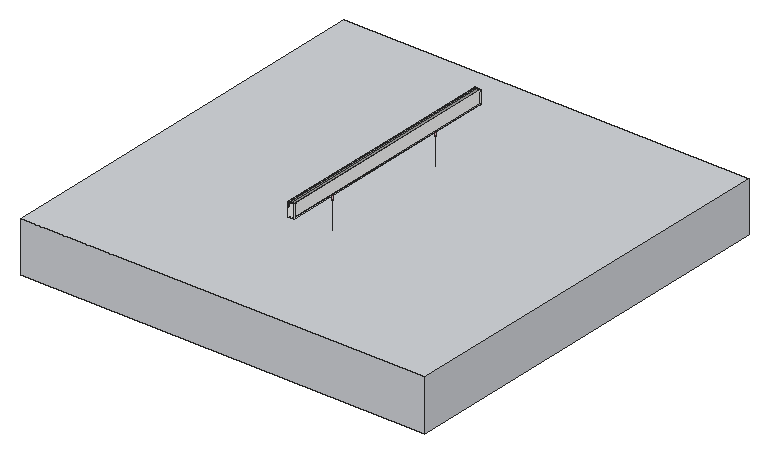
Revit family "LAMP_FIL 35 1400MM OPAL COMFORT SUSPENDED", category Luminarias, Revit 2018
Family settings
  Anfitrión = Cara
  Cota de conector redondo = Diámetro de uso
  Tipo de pieza = Normal
  Corte con vacíos al cargar = No
  Origen de luz = Sí
  Compartido = No
  Punto de cálculo de habitación = No
Parameters (values of type "1390LM 3000K  BLACK")
  Ángulo de inclinación = -90.00°
  Weight = 3.045 kg
  Wattage = 14.4 W
  Type = "MID POWER TRIDONIC"
  built-in parameter 1150107 = 3000 (stored number, unit not read)
  NOT COVER 2 [instance] = not(END COVER 2)  # no
  NOT COVER 1 [instance] = not(END COVER 1)  # no
  END COVER 2 [instance] = yes
  END COVER 1 [instance] = yes
  Suspension distance [instance] = if(Suspension > 4000 mm, 4000 mm, if(Suspension < 1 mm, 1 mm, Suspension))  # 200 mm
  Suspension [instance] = 200 mm
  built-in parameter 1150110 = 1 (stored number, unit not read)
  built-in parameter 1150109 = 1 (stored number, unit not read)
  built-in parameter 1150112 = 1 (stored number, unit not read)
  built-in parameter 1150113 = 1 (stored number, unit not read)
  built-in parameter 1114218 = 1 (stored number, unit not read)
  Protection rating = "IP20 / IK07"
  Product datasheet = "http://www.lamp.es/product-files/TECH/F31SF140LOOC830NB-EN.pdf"
  Product code = "F31SF140LOOC830NB"
  Product URL = "https://www.lamp.es/en/family/fil-35_413911"
  Power Supply = "220-240V 50/60Hz"
  Power = 14 W
  Plum = 14.4 W
  Photobiological risk = ""
  built-in parameter 1150137 = (empty or 0)
  built-in parameter 1150132 = 2
  Modelo = Product code  # "F31SF140LOOC830NB"
  Model Explanation = ""
  Material suspension = LAMP_Acero genérico
  Material perfil = LAMP_Aluminio Perfil Fil NG
  Material difusor = LAMP_PC Difusor Opal Fil
  Manufacturer name = "LAMP"
  Manufacturer country = "Spain"
  Manufacturer URL = "http://www.lamp.es/en"
  MacAdam = "3"
  Longitud de línea de emisión = 1400 mm
  Last update = "03/05/2021"
  Lamp = "MID-POWER LED"
  LED Lifetime = "50.000 L90 B10"
  built-in parameter 1150105 = 549.1 (stored number, unit not read)
  built-in parameter 1150102 = (empty or 0)
  Insulation class = "I"
  Installation instructions = "https://www.lamp.es/product-files/INS/1004590-A%20INSTR.%20FIL35.pdf"
  built-in parameter 1150106 = 5.491 (stored number, unit not read)
  IEE = "A+"
  Gear = "Electronic"
  Lumens = 1389.6 lm
  Finish = "Matte black RAL 9011"
  Color Filter = 16777215
  built-in parameter 1114217 = 1 (stored number, unit not read)
  built-in parameter 1150139 = (empty or 0)
  Fabricante = Manufacturer name  # "LAMP"
  Default Elevation = 1219.2 mm
  built-in parameter 1150104 = 8.9651 (stored number, unit not read)
  Efficacy = 96.5 lm/W
  Dimensions = "1400x35x80"
  Descripción = "FIL35 SUR 1400 2000 WW OP COMF BK."
  built-in parameter 1150115 = 1 (stored number, unit not read)
  built-in parameter 1150114 = 1 (stored number, unit not read)
  built-in parameter 1150138 = (empty or 0)
  built-in parameter 1150134 = 3
  Dimming Lamp Color Temperature Shift = (empty or 0)
  CRI = "80"
  Archivo de red fotométrica = "F31SF140LOOC830NB.IES"
  built-in parameter 1150133 = 10 (stored number, unit not read)
Types (12, lengths in mm): name | built-in parameter 1150107 | Product datasheet | Product code | Modelo | Material perfil | Finish | Descripción | Archivo de red fotométrica
  1390LM 3000K DALI BLACK | 3000 (stored number, unit not read) | "http://www.lamp.es/product-files/TECH/F31SF140LOOC830DB-EN.pdf" | "F31SF140LOOC830DB" | "F31SF140LOOC830DB" | LAMP_Aluminio Perfil Fil NG | "Matte black RAL 9011" | "FIL35 SUR 1400 2000 WW OP COMF DALI BK." | "F31SF140LOOC830nB.IES"
  1390LM 3000K DALI GREY | 3000 (stored number, unit not read) | "http://www.lamp.es/product-files/TECH/F31SF140LOOC830DG-EN.pdf" | "F31SF140LOOC830DG" | "F31SF140LOOC830DG" | LAMP_Aluminio Perfil Fil GR | "Gloss grey" | "FIL35 SUR 1400 2000 WW OP COMF DALI GR." | "F31SF140LOOC830nG.IES"
  1390LM 3000K DALI WHITE | 3000 (stored number, unit not read) | "http://www.lamp.es/product-files/TECH/F31SF140LOOC830DW-EN.pdf" | "F31SF140LOOC830DW" | "F31SF140LOOC830DW" | LAMP_Aluminio Perfil Fil BL | "Matte white RAL 9010" | "FIL35 SUR 1400 2000 WW OP COMF DALI WH." | "F31SF140LOOC830nW.IES"
  1390LM 3000K  BLACK | 3000 (stored number, unit not read) | "http://www.lamp.es/product-files/TECH/F31SF140LOOC830NB-EN.pdf" | "F31SF140LOOC830NB" | "F31SF140LOOC830NB" | LAMP_Aluminio Perfil Fil NG | "Matte black RAL 9011" | "FIL35 SUR 1400 2000 WW OP COMF BK." | "F31SF140LOOC830NB.IES"
  1390LM 3000K  GREY | 3000 (stored number, unit not read) | "http://www.lamp.es/product-files/TECH/F31SF140LOOC830NG-EN.pdf" | "F31SF140LOOC830NG" | "F31SF140LOOC830NG" | LAMP_Aluminio Perfil Fil GR | "Gloss grey" | "FIL35 SUR 1400 2000 WW OP COMF GR." | "F31SF140LOOC830NG.IES"
  1390LM 3000K  WHITE | 3000 (stored number, unit not read) | "http://www.lamp.es/product-files/TECH/F31SF140LOOC830NW-EN.pdf" | "F31SF140LOOC830NW" | "F31SF140LOOC830NW" | LAMP_Aluminio Perfil Fil BL | "Matte white RAL 9010" | "FIL35 SUR 1400 2000 WW OP COMF WH." | "F31SF140LOOC830NW.IES"
  1390LM 4000K DALI BLACK | 4000 (stored number, unit not read) | "http://www.lamp.es/product-files/TECH/F31SF140LOOC840DB-EN.pdf" | "F31SF140LOOC840DB" | "F31SF140LOOC840DB" | LAMP_Aluminio Perfil Fil NG | "Matte black RAL 9011" | "FIL35 SUR 1400 2000 NW OP COMF DALI BK." | "F31SF140LOOC840NB.IES"
  1390LM 4000K DALI GREY | 4000 (stored number, unit not read) | "http://www.lamp.es/product-files/TECH/F31SF140LOOC840DG-EN.pdf" | "F31SF140LOOC840DG" | "F31SF140LOOC840DG" | LAMP_Aluminio Perfil Fil GR | "Gloss grey" | "FIL35 SUR 1400 2000 NW OP COMF DALI GR." | "F31SF140LOOC840NG.IES"
  1390LM 4000K DALI WHITE | 4000 (stored number, unit not read) | "http://www.lamp.es/product-files/TECH/F31SF140LOOC840DW-EN.pdf" | "F31SF140LOOC840DW" | "F31SF140LOOC840DW" | LAMP_Aluminio Perfil Fil BL | "Matte white RAL 9010" | "FIL35 SUR 1400 2000 NW OP COMF DALI WH." | "F31SF140LOOC840NW.IES"
  1390LM 4000K  BLACK | 4000 (stored number, unit not read) | "http://www.lamp.es/product-files/TECH/F31SF140LOOC840NB-EN.pdf" | "F31SF140LOOC840NB" | "F31SF140LOOC840NB" | LAMP_Aluminio Perfil Fil NG | "Matte black RAL 9011" | "FIL35 SUR 1400 2000 NW OP COMF BK." | "F31SF140LOOC840NB.IES"
  1390LM 4000K  GREY | 4000 (stored number, unit not read) | "http://www.lamp.es/product-files/TECH/F31SF140LOOC840NG-EN.pdf" | "F31SF140LOOC840NG" | "F31SF140LOOC840NG" | LAMP_Aluminio Perfil Fil GR | "Gloss grey" | "FIL35 SUR 1400 2000 NW OP COMF GR." | "F31SF140LOOC840NG.IES"
  1390LM 4000K  WHITE | 4000 (stored number, unit not read) | "http://www.lamp.es/product-files/TECH/F31SF140LOOC840NW-EN.pdf" | "F31SF140LOOC840NW" | "F31SF140LOOC840NW" | LAMP_Aluminio Perfil Fil BL | "Matte white RAL 9010" | "FIL35 SUR 1400 2000 NW OP COMF WH." | "F31SF140LOOC840NW.IES"
Reference planes
  plane 1 "Centro (Frontal/Posterior)": y = 0
  plane 2: z = 0
  plane 3 "Centro (Izquierda/Derecha)": x = 0
Forms (mm)
  Extrusion 1, solid
    sketch origin (0, 0, 0) x (1, 0, 0) y (0, 1, 0)
      loop
        line (-1219.2, 1219.2) -> (-1219.2, -1219.2) -> (1219.2, -1219.2) -> (1219.2, 1219.2) -> (-1219.2, 1219.2)
    from 0 to -304.8
  Extrusion 2, solid, material "LAMP_Aluminio Perfil Fil NG" <- "Material perfil"
    sketch origin (0, 0, 0) x (1, 0, 0) y (0, 0, 1)
      loop
        arc (17.75, 285.7) -> (16.75, 286.7) -> (15.75, 285.7) r 1
        line (15.75, 285.7) -> (15.75, 284.2) -> (13.95, 284.2) -> (13.95, 259) -> (0, 259) -> (-13.95, 259) -> (-13.95, 284.2) -> (-15.75, 284.2) -> (-15.75, 285.7)
        arc (-15.75, 285.7) -> (-16.75, 286.7) -> (-17.75, 285.7) r 1
        line (-17.75, 285.7) -> (-17.75, 206.5) -> (-16.75, 206.5) -> (-16.75, 209.7) -> (-12.5, 209.7) -> (-12.5, 207.7) -> (-14.8, 207.7) -> (-13.6, 206.5) -> (-11, 206.5) -> (-11, 214.5) -> (0, 214.5) -> (11, 214.5) -> (11, 206.5) -> (13.6, 206.5) -> (14.8, 207.7) -> (12.5, 207.7) -> (12.5, 209.7) -> (16.75, 209.7) -> (16.75, 206.5) -> (17.75, 206.5) -> (17.75, 285.7)
    from -700 to 700
  Extrusion 3, solid, material "LAMP_Acero genérico" <- "Material suspension"
    sketch origin (0, 0, 0) x (1, 0, 0) y (0, 0, 1)
      loop
        line (-12.5, 201) -> (-15.291, 208.272) -> (-13.251, 209.7) -> (-14.251, 209.7) -> (-16.291, 208.272) -> (-13.116, 200) -> (0, 200) -> (13.116, 200) -> (16.291, 208.272) -> (14.251, 209.7) -> (13.251, 209.7) -> (15.291, 208.272) -> (12.5, 201) -> (0, 201) -> (-12.5, 201)
    from -400 to -378
  Extrusion 4, solid, material "LAMP_Acero genérico" <- "Material suspension"
    sketch origin (0, -24, 0) x (1, 0, 0) y (0, 1, 0)
      loop
        circle (0, -365) r 5
    from 163.2 to 200
  Extrusion 5, solid, material "LAMP_Acero genérico" <- "Material suspension"
    sketch origin (0, 24, 0) x (1, 0, 0) y (0, 1, 0)
      loop
        circle (0, 365) r 5
    from 163.2 to 200
  Extrusion 6, solid, material "LAMP_Acero genérico" <- "Material suspension"
    sketch origin (0, 0, 0) x (1, 0, 0) y (0, 1, 0)
      loop
        circle (0, -389) r 1
    from 0 to 163.2
  Extrusion 7, solid, material "LAMP_Acero genérico" <- "Material suspension"
    sketch origin (0, 0, 0) x (1, 0, 0) y (0, 1, 0)
      loop
        circle (0, 389) r 1
    from 0 to 163.2
  Extrusion 8, solid, material "LAMP_PC Difusor Opal Fil" <- "Material difusor"
    sketch origin (0, 0, -200) x (1, 0, 0) y (0, 0, 1)
      loop
        line (-15.75, 484.2) -> (0, 484.2) -> (15.75, 484.2) -> (15.75, 486.7) -> (0, 486.7) -> (-15.75, 486.7) -> (-15.75, 484.2)
    from -700 to 700
  Extrusion 9, solid, material "LAMP_Acero genérico" <- "Material suspension"
    sketch origin (0, 0, 0) x (1, 0, 0) y (0, 0, -1)
      loop
        line (-12.5, -201) -> (0, -201) -> (12.5, -201) -> (15.291, -208.272) -> (13.251, -209.7) -> (14.251, -209.7) -> (16.291, -208.272) -> (13.116, -200) -> (0, -200) -> (-13.116, -200) -> (-16.291, -208.272) -> (-14.251, -209.7) -> (-13.251, -209.7) -> (-15.291, -208.272) -> (-12.5, -201)
    from -400 to -378
  Extrusion 10, solid, material "LAMP_PC Difusor Opal Fil" <- "Material difusor"
    sketch origin (0, 0, 0) x (1, 0, 0) y (0, 0, 1)
      loop
        line (-11, 214.5) -> (-11, 206.5) -> (-7.529, 206.5) -> (11, 206.5) -> (11, 214.5) -> (10, 214.5) -> (10, 207.5) -> (-10, 207.5) -> (-10, 214.5) -> (-11, 214.5)
    from -700 to 700
Lines and regions (mm)
  reference lines
    curve 1: line (0, -445.47, 200) -> (0, 544.53, 200)
Text (mm)
  text "Any modification of the parameters and properties of the LAMP BIM models must be executed and validated by the LAMP technical department.\nPhone: +34 93 736 68 00\nE-mail: lamp@lamp.es\n\nLAMP reserves the right to modify the technical specifications of its products." at (3252.211, 5261.782, -2790.614), in view "Preview"
Dimensions and locks
  "Suspension distance": level to curve 1
  locked: Extrusion 4 to Extrusion 4 at 36.8
  locked: Extrusion 5 to Extrusion 5 at 36.8
  aligned and locked: plane 2 to Extrusion 1
  aligned and locked: level to Extrusion 1
  aligned and locked: curve 1 to Extrusion 9
  aligned and locked: curve 1 to Extrusion 3
  aligned and locked: Extrusion 4 to curve 1
  aligned and locked: Extrusion 5 to curve 1
  aligned and locked: Extrusion 6 to Extrusion 4
  aligned and locked: Extrusion 7 to Extrusion 5
  aligned and locked: Extrusion 2 to Extrusion 9
  aligned and locked: Extrusion 10 to Extrusion 2
  aligned and locked: Extrusion 8 to Extrusion 2
  aligned and locked: imposter light to Extrusion 8
  aligned and locked: Extrusion 2 to nested 1
  aligned and locked: nested 2 to Extrusion 2
Automatic sketch dimensions
  Extrusion 1 sketch curve to Extrusion 1 sketch curve = 2438.4 mm  (x2)
  Extrusion 4 sketch curve to plane 3 "Centro (Izquierda/Derecha)" = 0 mm
  plane 1 "Centro (Frontal/Posterior)" to Extrusion 4 sketch curve = 389 mm
  Extrusion 5 sketch curve to plane 3 "Centro (Izquierda/Derecha)" = 0 mm
  plane 1 "Centro (Frontal/Posterior)" to Extrusion 5 sketch curve = 389 mm
  Extrusion 6 sketch curve to plane 3 "Centro (Izquierda/Derecha)" = 0 mm
  plane 1 "Centro (Frontal/Posterior)" to Extrusion 6 sketch curve = 389 mm
  Extrusion 7 sketch curve to plane 3 "Centro (Izquierda/Derecha)" = 0 mm
  plane 1 "Centro (Frontal/Posterior)" to Extrusion 7 sketch curve = 389 mm
  Extrusion 10 sketch curve to plane 3 "Centro (Izquierda/Derecha)" = 11 mm
  Extrusion 10 sketch curve to Extrusion 10 sketch curve = 1 mm  (x3)
  Extrusion 10 sketch curve to Extrusion 10 sketch curve = 2.471 mm
  plane 3 "Centro (Izquierda/Derecha)" to Extrusion 10 sketch curve = 10 mm
  level to Extrusion 10 sketch curve = 206.5 mm
  Extrusion 10 sketch curve to Extrusion 10 sketch curve = 7 mm  (x2)
  Extrusion 2 sketch curve to plane 3 "Centro (Izquierda/Derecha)" = 0 mm  (x2)
  Extrusion 2 sketch curve to Extrusion 2 sketch curve = 11 mm
  Extrusion 2 sketch curve to Extrusion 2 sketch curve = 1.5 mm  (x4)
  Extrusion 2 sketch curve to Extrusion 2 sketch curve = 1.1 mm  (x2)
  Extrusion 2 sketch curve to plane 3 "Centro (Izquierda/Derecha)" = 13.95 mm
  Extrusion 2 sketch curve to Extrusion 2 sketch curve = 1.2 mm  (x4)
  Extrusion 2 sketch curve to Extrusion 2 sketch curve = 1.8 mm  (x2)
  Extrusion 2 sketch curve to Extrusion 2 sketch curve = 1 mm  (x3)
  plane 3 "Centro (Izquierda/Derecha)" to Extrusion 2 sketch curve = 11 mm
  plane 3 "Centro (Izquierda/Derecha)" to Extrusion 2 sketch curve = 13.95 mm
  Extrusion 2 sketch curve to Extrusion 2 sketch curve = 1.95 mm
  level to Extrusion 2 sketch curve = 206.5 mm
  Extrusion 2 sketch curve to Extrusion 2 sketch curve = 0 mm  (x3)
  Extrusion 2 sketch curve to Extrusion 2 sketch curve = 2 mm  (x2)
  Extrusion 2 sketch curve to Extrusion 2 sketch curve = 4.8 mm
  Extrusion 2 sketch curve to Extrusion 2 sketch curve = 44.5 mm
  Extrusion 2 sketch curve to Extrusion 2 sketch curve = 25.2 mm
  Extrusion 2 sketch curve to Extrusion 2 sketch curve = 26.7 mm
  Extrusion 8 sketch curve to plane 3 "Centro (Izquierda/Derecha)" = 0 mm  (x2)
  Extrusion 8 sketch curve to Extrusion 8 sketch curve = 15.75 mm
  plane 3 "Centro (Izquierda/Derecha)" to Extrusion 8 sketch curve = 15.75 mm
  level to Extrusion 8 sketch curve = 284.2 mm
  Extrusion 9 sketch curve to plane 3 "Centro (Izquierda/Derecha)" = 0 mm  (x2)
  Extrusion 9 sketch curve to Extrusion 9 sketch curve = 12.5 mm
  Extrusion 9 sketch curve to Extrusion 9 sketch curve = 0.616 mm  (x2)
  Extrusion 9 sketch curve to Extrusion 9 sketch curve = 0.751 mm  (x2)
  Extrusion 9 sketch curve to Extrusion 9 sketch curve = 1 mm  (x5)
  Extrusion 9 sketch curve to Extrusion 9 sketch curve = 1.04 mm  (x2)
  plane 3 "Centro (Izquierda/Derecha)" to Extrusion 9 sketch curve = 12.5 mm
  level to Extrusion 9 sketch curve = 209.7 mm
  Extrusion 9 sketch curve to Extrusion 9 sketch curve = 0 mm  (x3)
  Extrusion 9 sketch curve to Extrusion 9 sketch curve = 1.428 mm  (x2)
  Extrusion 9 sketch curve to Extrusion 9 sketch curve = 7.272 mm
  Extrusion 3 sketch curve to plane 3 "Centro (Izquierda/Derecha)" = 0 mm  (x2)
  Extrusion 3 sketch curve to Extrusion 3 sketch curve = 12.5 mm
  Extrusion 3 sketch curve to Extrusion 3 sketch curve = 0.616 mm  (x2)
  Extrusion 3 sketch curve to Extrusion 3 sketch curve = 0.751 mm  (x2)
  Extrusion 3 sketch curve to Extrusion 3 sketch curve = 1 mm  (x5)
  Extrusion 3 sketch curve to Extrusion 3 sketch curve = 1.04 mm  (x2)
  plane 3 "Centro (Izquierda/Derecha)" to Extrusion 3 sketch curve = 12.5 mm
  level to Extrusion 3 sketch curve = 200 mm
  Extrusion 3 sketch curve to Extrusion 3 sketch curve = 7.272 mm  (x2)
  Extrusion 3 sketch curve to Extrusion 3 sketch curve = 0 mm  (x2)
  Extrusion 3 sketch curve to Extrusion 3 sketch curve = 1.428 mm  (x2)
  Extrusion 8 sketch curve to Extrusion 8 sketch curve = 2.5 mm
  plane 1 "Centro (Frontal/Posterior)" to curve 1 = 445.47 mm
  curve 1 to plane 1 "Centro (Frontal/Posterior)" = 544.53 mm
  radius of Extrusion 4 sketch curve = 5 mm
  radius of Extrusion 5 sketch curve = 5 mm
  radius of Extrusion 6 sketch curve = 1 mm
  radius of Extrusion 7 sketch curve = 1 mm
Nested families
  nested 1: "LAMP_FIL 35 END COVER SURFACE" at (0, -701.4, 206.5), visible <- "END COVER 1", type "Blanco"
  nested 2: "LAMP_FIL 35 END COVER SURFACE" at (0, 701.4, 206.5), visible <- "END COVER 2", type "Blanco"
Connectors
  electrical at (0, 389, 200)
    settings: on Extrusion 5, index 1, voltage 230 V, apparent load 0 VA, apparent load phase1 0 VA, apparent load phase2 0 VA, apparent load phase3 0 VA, power factor 1, load classification "Otro", number of poles 1, system type 31, power factor state 1, is connector primary yes, connector utility no, sub classification motor no, connector description ""
Definition of nested family "LAMP_FIL 35 END COVER SURFACE"
  Parameters (values of type "Blanco")
    Material tapa = none
  Reference planes
    plane 1 "Centro (Frontal/Posterior)": y = 0
    plane 2: z = 0
    plane 3 "Centro (Izquierda/Derecha)": x = 0
  Forms (mm)
    Extrusion 1, solid, material <- "Material tapa"
      sketch origin (0, 0, 0) x (0, -1, 0) y (0, 0, 1)
        loop
          line (0, 0) -> (1.4, 0) -> (1.4, 80.5) -> (-1.4, 80.5) -> (-1.4, 0) -> (0, 0)
      from -17.8 to 17.8
  Dimensions and locks
    aligned and locked: level to plane 2
